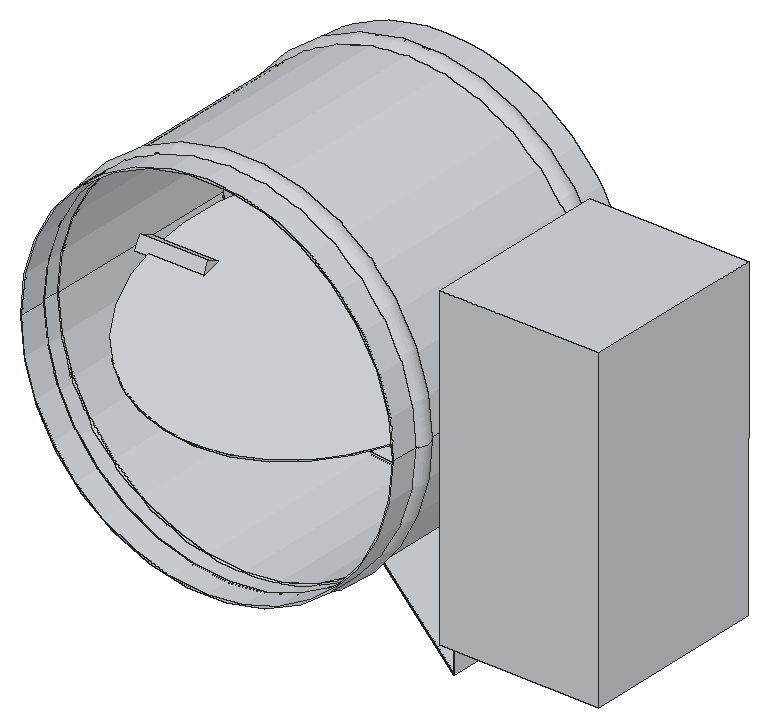
Revit family "MPIB-R", category Mechanical Equipment, Revit 2015
Parameters
  Void Radius [instance] = Radius - 0' 0 5/256"  # 0' - 4 251/256"
  URL = "https://unitedenertech.com/catalog/pdf/G_7%20MPIB,%20MPIB-R.pdf"
  Type Comments = "Consult Factory For Max. Sizes."
  Radius [instance] = 0.5 * Exact Diameter  # 0' - 5"
  Model = "MPIB-R"
  Manufacturer = "United Enertech Corporation"
  Keynote = "Shaft options set to visibility parameters, correct shaft and size will appear when loaded into project."
  Inner Radius [instance] = Radius - 0' 0 9/256"  # 0' - 4 247/256"
  Exact Diameter = 0' - 10"
  Description = "Mass Bypass System Pressure Independent Round Damper"
  Depth = 0' - 8"
  Blade Radius [instance] = Inner Radius - 0' 0 3/8"  # 0' - 4 151/256"
  3/8" Pin Visibility [instance] = if(Exact Diameter < 1' 3 251/256", 2 > 1, 1 > 2)  # yes
  3/4" Shaft Visibility [instance] = if(Exact Diameter > 2' 5 251/256", 2 > 1, 1 > 2)  # no
  1/2" Shaft Visibility [instance] = if(and(Exact Diameter > 1' 3 251/256", Exact Diameter < 2' 5 251/256"), 2 > 1, 1 > 2)  # no
Reference planes (in)
  plane 1 "Center (Front/Back)": y = 0
  plane 2: z = 0
  plane 3 "Center (Left/Right)": x = 0
  plane 4: x = -5
  plane 5: x = 5
  plane 6: y = 8
  plane 7: y = 7
  plane 8: y = 1
  plane 9: x = -5.6
  plane 10: x = -3.1
  plane 11: x = 3.1
  plane 12: x = 5.7859
  plane 13: x = 5.0359
  plane 14: y = 6
  plane 15: y = 2
Forms (in)
  Extrusion 1, solid
    sketch origin (0, 0, 0) x (1, 0, 0) y (0, 0, 1)
      loop
        circle (0, 0) r 5
      loop
        circle (0, 0) r 4.96484
    from 0 to -8
  Sweep 2, solid
    path origin (0, 1, 0) x (1, 0, 0) y (0, 0, 1)
      loop
        circle (0, 0) r 5
    profile "Bead Sweep : Bead Sweep" origin (0, 1, 5) x (0, 0, -1) y (0, -1, 0)
      loop
        arc (0, 0.279) -> (-0.12, 0) -> (0, -0.279) r 0.38434
        line (0, -0.279) -> (0, 0.279)
  Sweep 3, solid
    path origin (0, 7, 0) x (1, 0, 0) y (0, 0, 1)
      loop
        circle (0, 0) r 5
    profile "Bead Sweep : Bead Sweep" origin (0, 7, 5) x (0, 0, -1) y (0, -1, 0)
      loop
        arc (0, 0.279) -> (-0.12, 0) -> (0, -0.279) r 0.38434
        line (0, -0.279) -> (0, 0.279)
  Sweep 4, void
    path origin (0, 1, 0) x (1, 0, 0) y (0, 0, 1)
      loop
        circle (0, 0) r 4.98047
    profile "Bead Void Sweep : Bead Void Sweep" origin (0, 1, 4.98047) x (0, 0, -1) y (0, -1, 0)
      loop
        arc (0.15416, 0.3555) -> (-0.0841, 0) -> (0.15416, -0.3555) r 0.38434
        line (0.15416, -0.3555) -> (0.15416, 0.3555)
  Sweep 5, void
    path origin (0, 7, 0) x (1, 0, 0) y (0, 0, 1)
      loop
        circle (0, 0) r 4.98047
    profile "Bead Void Sweep : Bead Void Sweep" origin (0, 7, 4.98047) x (0, 0, -1) y (0, -1, 0)
      loop
        arc (0.15416, 0.3555) -> (-0.0841, 0) -> (0.15416, -0.3555) r 0.38434
        line (0.15416, -0.3555) -> (0.15416, 0.3555)
  Extrusion 6, solid
    sketch origin (0, 2.96472, 3.8637) x (1, 0, 0) y (0, 0.965926, 0.258819)
      loop
        circle (0, 0) r 4.58984
    from -4.01795 to -3.98205
  Extrusion 7, solid, visible <- "3/8" Pin Visibility"
    sketch origin (-15.25, -6.71378, 12.44542) x (0, 0.906308, -0.422618) y (0, 0.422618, 0.906308)
      loop
        line (15.15714, -6.93904) -> (15.15714, -6.56404) -> (14.78214, -6.56404) -> (14.78214, -6.93904) -> (15.15714, -6.93904)
    from 9.65 to 12.15
  Extrusion 8, solid, visible <- "3/8" Pin Visibility"
    sketch origin (11.25, -6.71378, 12.44542) x (0, 0.906308, -0.422618) y (0, 0.422618, 0.906308)
      loop
        line (15.15714, -6.93904) -> (15.15714, -6.56404) -> (14.78214, -6.56404) -> (14.78214, -6.93904) -> (15.15714, -6.93904)
    from -8.15 to -5.4641
  Extrusion 9, solid, visible <- "1/2" Shaft Visibility"
    sketch origin (0, 0, 0) x (0, 1, 0) y (0, 0, 1)
      loop
        circle (4, 0) r 0.25
    from -5.6 to 5.7859
  Extrusion 10, solid, visible <- "3/4" Shaft Visibility"
    sketch origin (0, 0, 0) x (0, 1, 0) y (0, 0, 1)
      loop
        circle (4, 0) r 0.375
    from -5.6 to 5.7859
  Extrusion 11, solid
    sketch origin (0, 22.75673, 12.99985) x (0, 1, 0) y (0, 0, 1)
      loop
        line (-16.75673, -11.99985) -> (-20.75673, -11.99985) -> (-20.75673, -18.99985) -> (-16.75673, -18.99985) -> (-16.75673, -11.99985)
      loop
        circle (-18.75673, -12.99985) r 0.375
    from 5 to 5.0359
  Extrusion 12, solid
    sketch origin (0, 0, 0) x (1, 0, 0) y (0, 0, 1)
      loop
        line (5, -6) -> (5, -5.95269) -> (0, -0.55027) -> (0, -0.59758) -> (5, -6)
    from -6 to -2
  Extrusion 13, void
    sketch origin (-47.63577, 0, 15.85201) x (1, 0, 0) y (0, 0, 1)
      loop
        circle (47.63577, -15.85201) r 5
    from -13.1442 to 3.21369
Cuts and joins
  Sweep 4, Sweep 5 cuts Extrusion 1
  Sweep 5 cuts Sweep 2
  Extrusion 13 cuts Extrusion 12
Dimensions and locks (in)
  equal spacing: plane 4, plane 3 "Center (Left/Right)", plane 5
  "Exact Diameter": plane 4 to plane 5
  "Depth": plane 6 to plane 1 "Center (Front/Back)"
  locked: plane 8 to plane 1 "Center (Front/Back)" at 1
  locked: plane 6 to plane 7 at 1
  locked: plane 9 to plane 4 at 0.6
  locked: plane 4 to plane 10 at 1.9
  locked: plane 11 to plane 5 at 1.9
  locked: plane 5 to plane 13 at 0.0359
  locked: plane 13 to plane 12 at 0.75
  "Inner Radius": radius of Extrusion 1 sketch curve
  "Radius": radius of Extrusion 1 sketch curve
  "Radius": radius of Sweep 2 sketch curve
  "Radius": radius of Sweep 3 sketch curve
  "Void Radius": radius of Sweep 4 sketch curve
  "Void Radius": radius of Sweep 5 sketch curve
  "Blade Radius": radius of Extrusion 6 sketch curve
  "Radius": radius of Extrusion 13 sketch curve
  aligned and locked: level to plane 2
  aligned and locked: plane 6 to Extrusion 1
  aligned and locked: plane 1 "Center (Front/Back)" to Extrusion 1
  aligned and locked: plane 10 to Extrusion 7
  aligned and locked: plane 9 to Extrusion 7
  aligned and locked: plane 11 to Extrusion 8
  aligned and locked: Extrusion 8 to plane 12
  aligned and locked: plane 9 to Extrusion 9
  aligned and locked: Extrusion 9 to plane 12
  aligned and locked: plane 9 to Extrusion 10
  aligned and locked: Extrusion 10 to plane 12
  aligned and locked: plane 13 to Extrusion 11
  aligned and locked: Extrusion 11 to plane 5
  aligned and locked: plane 5 to Extrusion 12
  aligned and locked: Extrusion 11 to Extrusion 12
  aligned and locked: Extrusion 12 to Extrusion 11
  aligned and locked: plane 13 to nested 1
Automatic sketch dimensions
  Extrusion 7 sketch curve to level = 0' - 0.09069"
  Extrusion 7 sketch curve to plane 8 = 0' - 2.75083"
  Extrusion 7 sketch curve to Extrusion 7 sketch curve = 0' - 0 3/8"  (x2)
  Extrusion 8 sketch curve to level = 0' - 0.09069"
  Extrusion 8 sketch curve to plane 8 = 0' - 2.75083"
  Extrusion 8 sketch curve to Extrusion 8 sketch curve = 0' - 0 3/8"  (x2)
  Extrusion 9 sketch curve to level = 0' - 0"
  plane 7 to Extrusion 9 sketch curve = 0' - 3"
  Extrusion 10 sketch curve to level = 0' - 0"
  plane 7 to Extrusion 10 sketch curve = 0' - 3"
  Extrusion 11 sketch curve to plane 1 "Center (Front/Back)" = 0' - 2"
  level to Extrusion 11 sketch curve = 0' - 1"
  Extrusion 11 sketch curve to Extrusion 11 sketch curve = 0' - 4"
  Extrusion 11 sketch curve to Extrusion 11 sketch curve = 0' - 7"
  Extrusion 12 sketch curve to plane 3 "Center (Left/Right)" = 0' - 0"
  Extrusion 12 sketch curve to plane 5 = 0' - 0"
  Extrusion 12 sketch curve to level = 0' - 6"
  Extrusion 12 sketch curve to Extrusion 12 sketch curve = 0' - 0.04731"  (x2)
  Extrusion 12 sketch curve to level = 0' - 0.59758"
  Extrusion 1 sketch curve to Extrusion 1 sketch curve = 0' - 0"  (x2)
  Extrusion 1 sketch curve to level = 0' - 0"
  Extrusion 1 sketch curve to plane 3 "Center (Left/Right)" = 0' - 0"
  Sweep 2 sketch curve to level = 0' - 0"
  Sweep 2 sketch curve to plane 3 "Center (Left/Right)" = 0' - 0"
  Sweep 3 sketch curve to level = 0' - 0"
  Sweep 3 sketch curve to plane 3 "Center (Left/Right)" = 0' - 0"
  Sweep 4 sketch curve to level = 0' - 0"
  Sweep 4 sketch curve to plane 3 "Center (Left/Right)" = 0' - 0"
  Sweep 5 sketch curve to level = 0' - 0"
  Sweep 5 sketch curve to plane 3 "Center (Left/Right)" = 0' - 0"
  Extrusion 6 sketch curve to plane 3 "Center (Left/Right)" = 0' - 0"
  Extrusion 13 sketch curve to level = 0' - 0"
  Extrusion 13 sketch curve to plane 3 "Center (Left/Right)" = 0' - 0"
  radius of Extrusion 9 sketch curve = 0' - 0 1/4"
  radius of Extrusion 10 sketch curve = 0' - 0 3/8"
Nested families (in)
  nested 1: "MPIB motor" at (5.0359, -2.28405, -8.56051) x (0, 1, 0) z (0, 0, 1), type "MPIB motor"
Definition of nested family "MPIB motor"
  Reference planes (in)
    plane 1 "Center (Front/Back)": y = 0
    plane 2: z = 0
    plane 3 "Center (Left/Right)": x = 0
  Forms (in)
    Extrusion 1, solid
      sketch origin (0, 0, 0) x (1, 0, 0) y (0, 0, 1)
        loop
          line (3.78405, 3.49801) -> (8.78405, 3.49801) -> (8.78405, 11.99801) -> (3.78405, 11.99801) -> (3.78405, 3.49801)
      from 0 to 4.25
    Extrusion 2, void
      sketch origin (0, 0, 0) x (1, 0, 0) y (0, 0, 1)
        loop
          circle (6.28405, 8.56051) r 0.25
      from 0 to 0.75
  Cuts and joins
    Extrusion 2 cuts Extrusion 1
  Dimensions and locks (in)
    aligned and locked: level to plane 2
